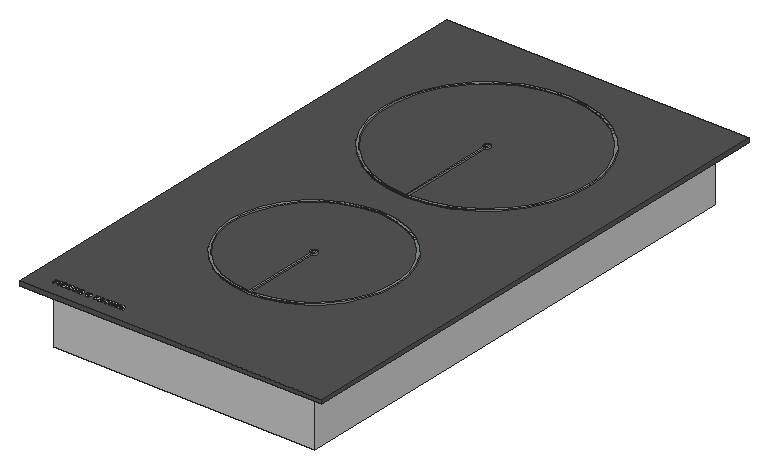
Revit family "FP_Revit_18_CI302CTB1_Cooktop_(Draft_Only)", category Specialty Equipment, Revit 2018
Family settings
  Round Connector Dimension = Use Diameter
  Part Type = Normal
  OmniClass Number = 23.40.40.14.17.11
  OmniClass Title = Cookers, Ovens, Stoves
  Work Plane-Based = No
  Always vertical = Yes
  Cut with Voids When Loaded = Yes
  Shared = No
  Room Calculation Point = No
Parameters
  Visibility - Clearance Required = yes
  URL = "www.fisherpaykel.com"
  Product - Width = 300 mm  # constant formula
  Product - Height = 59 mm  # constant formula
  Product - Depth = 530 mm  # constant formula
  Model = "CI302CTB1"
  Material - Graphics = Fisher & Paykel - Graphics Grey
  Material - Glass = Fisher & Paykel - Glass, Black
  Material - Body = Fisher & Paykel - Grey
  Manufacturer = "Fisher & Paykel Appliances"
  FFL Offset [instance] = 900 mm
  Description = "30cm Induction Cooktop"
  Connector Note - Electrical = "220-240 V, 16 A, 50 Hz,"
  Clearance - Side Combustible = 30 mm  # constant formula
  Clearance - Rear Combustible = 30 mm  # constant formula
  Clearance - Overhead Rangehood = 650 mm  # constant formula
  Clearance - Overhead Non-Combustible = 450 mm  # constant formula
  Clearance - Below = 72 mm  # constant formula
  Chassis - Width = 260 mm  # constant formula
  Chassis - Height = 54 mm  # constant formula
  Chassis - Depth = 497 mm  # constant formula
  Cavity - Width = 260 mm  # constant formula
  Cavity - Height = 72 mm  # constant formula
  Cavity - Depth = 505 mm  # constant formula
Reference planes
  plane 1 "Datum": y = 0
  plane 2: z = 0
  plane 3 "Center (Left/Right)": x = 0
  plane 4 "Product LHS": x = -150
  plane 5 "Product RHS": x = 150
  plane 6 "Product - Depth": y = 530
  plane 7 "Cavity LHS": x = -130
  plane 8 "Cavity RHS": x = 130
  plane 9 "Cavity - Depth": y = 517.5
  plane 10 "Chassis - Depth": y = 513.5
  plane 11 "Basepan": z = 846
  plane 12 "Benchtop": z = 900
  plane 13 "Glass": z = 905
  plane 14 "Cavity - Front": y = 12.5
  plane 15 "Chassis - Front": y = 16.5
Forms (mm)
  Extrusion 1, solid, material "Fisher & Paykel - Glass, Black" <- "Material - Glass"
    sketch origin (0, 0, 0) x (0, 1, 0) y (0, 0, 1)
      loop
        line (530, 905) -> (0, 905) -> (0, 901) -> (530, 901) -> (530, 905)
    from -150 to 150
  Extrusion 2, solid, material "Fisher & Paykel - Clearance Required (Cutout)", visible <- "Visibility - Clearance Required", detail levels coarse
    sketch origin (0, 24.768, 0) x (1, 0, 0) y (0, 1, 0)
      loop
        line (-130, 492.732) -> (-130, -12.268) -> (130, -12.268) -> (130, 492.732) -> (-130, 492.732)
    from 828 to 900
  Extrusion 3, solid, material "Fisher & Paykel - Clearance Required (Rangehood)", visible <- "Visibility - Clearance Required", detail levels coarse
    sketch origin (0, 0, 0) x (1, 0, 0) y (0, 1, 0)
      loop
        line (-160, 0) -> (160, 0) -> (160, 547.5) -> (-160, 547.5) -> (-160, 0)
    from 1350 to 1550
  Extrusion 4, solid, material "Fisher & Paykel - Grey" <- "Material - Body"
    sketch origin (0, 0, 0) x (0, 1, 0) y (0, 0, 1)
      loop
        line (513.5, 846) -> (513.5, 900) -> (16.5, 900) -> (16.5, 846) -> (513.5, 846)
    from -130 to 130
  Extrusion 5, solid, material "Fisher & Paykel - Grey" <- "Material - Body"
    sketch origin (-151, 0, 0) x (1, 0, 0) y (0, 1, 0)
      loop
        line (11, 520) -> (11, 10) -> (291, 10) -> (291, 520) -> (11, 520)
    from 900 to 901
  Extrusion 6, solid, material "Fisher & Paykel - Graphics Grey" <- "Material - Graphics", detail levels fine
    sketch origin (0, 0, 0) x (1, 0, 0) y (0, 1, 0)
      loop
        circle (-0.001, 392.496) r 1.826
      loop
        circle (-0.001, 392.496) r 101.825
      loop
        circle (0.001, 177.497) r 1.975
      loop
        circle (0.001, 177.497) r 82.262
      loop
        line (-0.774, 174.317) -> (-0.774, 97.151)
        arc (-0.774, 97.151) -> (-0.035, 257.847) -> (0.822, 97.151) r 80.35
        line (0.822, 97.151) -> (0.822, 174.339)
        arc (0.822, 174.339) -> (-0.065, 180.776) -> (-0.774, 174.317) r 3.274
      loop
        line (-0.853, 389.601) -> (-0.853, 292.612)
        arc (-0.853, 292.612) -> (-0.015, 492.383) -> (0.775, 292.612) r 99.887
        line (0.775, 292.612) -> (0.775, 389.565)
        arc (0.775, 389.565) -> (0.091, 395.503) -> (-0.853, 389.601) r 3.017
    from 905 to 906
  Extrusion 7, solid, material "Fisher & Paykel - Grey" <- "Material - Body", detail levels medium+fine
    sketch origin (0, 0, 0) x (1, 0, 0) y (0, 0, 1)
      loop
        circle (110, 862) r 4
    from -515.499 to -513.5
  Extrusion 8, solid, material "Fisher & Paykel - Clearance Required", visible <- "Visibility - Clearance Required", detail levels coarse
    sketch origin (0, 0, 0) x (1, 0, 0) y (0, 1, 0)
      loop
        line (-160, 0) -> (160, 0) -> (160, 547.5) -> (-160, 547.5) -> (-160, 0)
    from 905 to 1350
  Extrusion 9, void
    sketch origin (0, 24.768, 0) x (1, 0, 0) y (0, 1, 0)
      loop
        line (-130, 492.732) -> (-130, -12.268) -> (130, -12.268) -> (130, 492.732) -> (-130, 492.732)
    from 828 to 900
Text (mm)
  text "Due to ongoing product development, product details are subject to change without notice. \nPlease always refer to www.fisherpaykel.com for the most current product information. \n© Fisher & Paykel 2020" at (41.04, -102.478, 0), in view "Ref. Level (Plan)"
Dimensions and locks
  equal spacing: plane 4 "Product LHS", plane 3 "Center (Left/Right)", plane 5 "Product RHS"
  "Product - Width": plane 4 "Product LHS" to plane 5 "Product RHS"
  equal spacing: plane 7 "Cavity LHS", plane 3 "Center (Left/Right)", plane 8 "Cavity RHS"
  "Cavity - Width": plane 7 "Cavity LHS" to plane 8 "Cavity RHS"
  "Product - Depth": Extrusion 1 to plane 1 "Datum"
  equal spacing: Extrusion 4, plane 3 "Center (Left/Right)", Extrusion 4
  "Chassis - Width": Extrusion 4 to Extrusion 4
  equal spacing: Extrusion 5, plane 3 "Center (Left/Right)", Extrusion 5
  "FFL Offset": plane 12 "Benchtop" to level
  locked: plane 13 "Glass" to plane 12 "Benchtop" at 5
  "Chassis - Height": plane 12 "Benchtop" to plane 11 "Basepan"
  locked: Extrusion 6 to plane 13 "Glass" at 1
  "Clearance - Below": Extrusion 2 to plane 12 "Benchtop"
  locked: nested 1 to plane 13 "Glass" at 0.8
  "Clearance - Side Combustible": Extrusion 3 to plane 7 "Cavity LHS"
  "Clearance - Side Combustible": plane 8 "Cavity RHS" to Extrusion 3
  "Clearance - Rear Combustible": Extrusion 3 to plane 9 "Cavity - Depth"
  locked: plane 1 "Datum" to plane 15 "Chassis - Front" at 16.5
  "Chassis - Depth": plane 10 "Chassis - Depth" to plane 15 "Chassis - Front"
  locked: plane 1 "Datum" to plane 14 "Cavity - Front" at 12.5
  "Cavity - Depth": plane 14 "Cavity - Front" to plane 9 "Cavity - Depth"
  locked: plane 11 "Basepan" to Extrusion 7 at 16
  "Clearance - Overhead Non-Combustible": Extrusion 3 to plane 12 "Benchtop"
  "Clearance - Overhead Rangehood": Extrusion 3 to plane 12 "Benchtop"
  "Clearance - Below": plane 12 "Benchtop" to Extrusion 2
  locked: plane 13 "Glass" to Extrusion 1 at 4
  aligned and locked: level to plane 2
  aligned and locked: Extrusion 2 to plane 9 "Cavity - Depth"
  aligned and locked: plane 10 "Chassis - Depth" to Extrusion 4
  aligned and locked: Extrusion 4 to Extrusion 5
  aligned and locked: Extrusion 5 to plane 12 "Benchtop"
  aligned and locked: Extrusion 2 to Extrusion 4
  aligned and locked: plane 15 "Chassis - Front" to Extrusion 4
  aligned and locked: plane 14 "Cavity - Front" to Extrusion 2
  aligned and locked: Extrusion 7 to plane 10 "Chassis - Depth"
  aligned and locked: Extrusion 8 to Extrusion 3  (x2)
  aligned and locked: Extrusion 8 to plane 13 "Glass"
  aligned and locked: Extrusion 5 to Extrusion 1
  aligned and locked: Extrusion 6 to Extrusion 1
  aligned and locked: plane 13 "Glass" to Extrusion 1
  aligned and locked: Extrusion 9 to Extrusion 2  (x2)
  aligned and locked: plane 4 "Product LHS" to Extrusion 1
  aligned and locked: Extrusion 1 to plane 5 "Product RHS"
Automatic sketch dimensions
  Extrusion 1 sketch curve to plane 1 "Datum" = 0 mm
  Extrusion 1 sketch curve to plane 6 "Product - Depth" = 0 mm
  Extrusion 1 sketch curve to plane 13 "Glass" = 0 mm
  plane 12 "Benchtop" to Extrusion 1 sketch curve = 1 mm
  plane 14 "Cavity - Front" to Extrusion 2 sketch curve = 0 mm
  plane 9 "Cavity - Depth" to Extrusion 2 sketch curve = 0 mm
  plane 7 "Cavity LHS" to Extrusion 2 sketch curve = 0 mm
  Extrusion 2 sketch curve to plane 8 "Cavity RHS" = 0 mm
  plane 1 "Datum" to Extrusion 3 sketch curve = 0 mm
  plane 4 "Product LHS" to Extrusion 3 sketch curve = 10 mm
  Extrusion 3 sketch curve to plane 5 "Product RHS" = 10 mm
  plane 6 "Product - Depth" to Extrusion 3 sketch curve = 17.5 mm
  Extrusion 4 sketch curve to plane 11 "Basepan" = 0 mm
  Extrusion 4 sketch curve to plane 15 "Chassis - Front" = 0 mm
  Extrusion 4 sketch curve to plane 10 "Chassis - Depth" = 0 mm
  Extrusion 4 sketch curve to plane 12 "Benchtop" = 0 mm
  Extrusion 6 sketch curve to Extrusion 6 sketch curve = 0 mm  (x6)
  Extrusion 6 sketch curve to plane 3 "Center (Left/Right)" = 0.853 mm
  Extrusion 6 sketch curve to plane 3 "Center (Left/Right)" = 0.774 mm
  Extrusion 6 sketch curve to plane 3 "Center (Left/Right)" = 0.027 mm
  Extrusion 6 sketch curve to plane 3 "Center (Left/Right)" = 0.02 mm
  Extrusion 6 sketch curve to plane 3 "Center (Left/Right)" = 0.005 mm
  Extrusion 6 sketch curve to plane 3 "Center (Left/Right)" = 0.001 mm
  plane 3 "Center (Left/Right)" to Extrusion 6 sketch curve = 0.001 mm
  plane 3 "Center (Left/Right)" to Extrusion 6 sketch curve = 0.025 mm
  plane 3 "Center (Left/Right)" to Extrusion 6 sketch curve = 0.775 mm
  plane 3 "Center (Left/Right)" to Extrusion 6 sketch curve = 0.822 mm
  Extrusion 6 sketch curve to plane 15 "Chassis - Front" = 80.651 mm
  Extrusion 6 sketch curve to Extrusion 6 sketch curve = 77.167 mm
  Extrusion 6 sketch curve to Extrusion 6 sketch curve = 0.022 mm
  Extrusion 6 sketch curve to Extrusion 6 sketch curve = 0.006 mm
  Extrusion 6 sketch curve to Extrusion 6 sketch curve = 115.109 mm
  Extrusion 6 sketch curve to Extrusion 6 sketch curve = 96.953 mm
  Extrusion 6 sketch curve to Extrusion 6 sketch curve = 0.036 mm
  Extrusion 6 sketch curve to Extrusion 6 sketch curve = 0.009 mm
  plane 8 "Cavity RHS" to Extrusion 7 sketch curve = 20 mm
  plane 11 "Basepan" to Extrusion 7 sketch curve = 16 mm
  plane 1 "Datum" to Extrusion 8 sketch curve = 0 mm
  plane 4 "Product LHS" to Extrusion 8 sketch curve = 10 mm
  Extrusion 8 sketch curve to plane 5 "Product RHS" = 10 mm
  plane 6 "Product - Depth" to Extrusion 8 sketch curve = 17.5 mm
  plane 14 "Cavity - Front" to Extrusion 9 sketch curve = 0 mm
  plane 9 "Cavity - Depth" to Extrusion 9 sketch curve = 0 mm
  plane 7 "Cavity LHS" to Extrusion 9 sketch curve = 0 mm
  Extrusion 9 sketch curve to plane 8 "Cavity RHS" = 0 mm
  Extrusion 5 sketch curve to plane 9 "Cavity - Depth" = 2.5 mm
  Extrusion 5 sketch curve to plane 4 "Product LHS" = 10 mm
  plane 14 "Cavity - Front" to Extrusion 5 sketch curve = 2.5 mm
  plane 5 "Product RHS" to Extrusion 5 sketch curve = 10 mm
  radius of Extrusion 6 sketch curve = 1.826 mm
  radius of Extrusion 6 sketch curve = 101.825 mm
  radius of Extrusion 6 sketch curve = 1.975 mm
  radius of Extrusion 6 sketch curve = 82.262 mm
  radius of Extrusion 7 sketch curve = 4 mm
Nested families
  nested 1: "F&P Logo 70mm Horizontal" at (-94.001, 14.253, 905), type "F&P Logo 70mm Horizontal"
Connectors
  electrical at (110, 515.499, 862), driven by "Connector Note - Electrical"
    settings: on Extrusion 7, index 1, voltage 230 V, apparent load 0 VA, apparent load phase1 0 VA, apparent load phase2 0 VA, apparent load phase3 0 VA, power factor 1, load classification "Other", number of poles 1, system type 30, power factor state 1, is connector primary yes, connector utility no, sub classification motor no, connector description "220-240 V, 16 A, 50 Hz,"
Definition of nested family "F&P Logo 70mm Horizontal"
  Parameters (values of type "F&P Logo 70mm Horizontal")
    URL = "www.fisherpaykel.com"
    Material - Logo = none
    Manufacturer = "Fisher & Paykel Appliances"
  Reference planes
    plane 1 "Center (Front/Back)": y = 0
    plane 2: z = 0
    plane 3 "Center (Left/Right)": x = 0
  Forms (mm)
    Extrusion 1, solid, material <- "Material - Logo", detail levels fine
      sketch origin (0, 0, 0) x (1, 0, 0) y (0, 1, 0)
        loop
          line (-34.997, -0.356) -> (-33.895, -0.356) -> (-33.895, 1.141) -> (-32.174, 1.141) -> (-32.174, 2.075) -> (-33.895, 2.075) -> (-33.895, 2.943) -> (-32.023, 2.943) -> (-32.023, 3.872) -> (-34.997, 3.872) -> (-34.997, -0.356)
        loop
          line (-29.929, 3.872) -> (-29.929, -0.356) -> (-28.828, -0.356) -> (-28.828, 3.872) -> (-29.929, 3.872)
        loop
          line (-21.473, 3.872) -> (-21.473, -0.356) -> (-20.372, -0.356) -> (-20.372, 1.338) -> (-18.754, 1.338) -> (-18.754, -0.356) -> (-17.652, -0.356) -> (-17.652, 3.872) -> (-18.754, 3.872) -> (-18.754, 2.268) -> (-20.372, 2.268) -> (-20.372, 3.872) -> (-21.473, 3.872)
        loop
          line (-15.301, 3.872) -> (-15.301, -0.356) -> (-12.288, -0.356) -> (-12.288, 0.444) -> (-14.209, 0.444) -> (-14.209, 1.338) -> (-12.453, 1.338) -> (-12.453, 2.268) -> (-14.209, 2.268) -> (-14.209, 3.072) -> (-12.288, 3.072) -> (-12.288, 3.872) -> (-15.301, 3.872)
        loop
          line (32, 3.872) -> (32, -0.356) -> (35.003, -0.356) -> (35.003, 0.574) -> (33.102, 0.574) -> (33.102, 3.872) -> (32, 3.872)
        loop
          line (29.735, 3.872) -> (26.712, 3.872) -> (26.712, -0.356) -> (29.735, -0.356) -> (29.735, 0.444) -> (27.814, 0.444) -> (27.814, 1.338) -> (29.57, 1.338) -> (29.57, 2.268) -> (27.814, 2.268) -> (27.814, 3.072) -> (29.735, 3.072) -> (29.735, 3.872)
        loop
          line (23.449, 1.848) -> (25.012, 3.872) -> (23.724, 3.872) -> (22.374, 2.124) -> (22.374, 3.872) -> (21.273, 3.872) -> (21.273, -0.356) -> (22.374, -0.356) -> (22.374, 1.538) -> (23.765, -0.356) -> (25.067, -0.356) -> (23.449, 1.848)
        loop
          line (15.42, 3.872) -> (17.017, 1.338) -> (17.017, -0.356) -> (18.119, -0.356) -> (18.119, 1.283) -> (19.717, 3.872) -> (18.546, 3.872) -> (17.603, 2.239) -> (16.66, 3.872) -> (15.42, 3.872)
        loop
          line (12.969, 3.872) -> (11.922, 3.872) -> (10.2, -0.356) -> (11.282, -0.356) -> (11.585, 0.422) -> (13.278, 0.422) -> (13.581, -0.356) -> (14.69, -0.356) -> (12.969, 3.872)
        loop
          line (12.913, 1.352) -> (12.419, 2.566) -> (11.946, 1.352) -> (12.913, 1.352)
        loop
          line (5.556, 3.872) -> (5.556, -0.356) -> (6.653, -0.356) -> (6.653, 1.001) -> (7.453, 1.001)
          spline (7.453, 1.001) -> (7.884, 1.05) -> (8.285, 1.193) -> (8.63, 1.421) -> (8.895, 1.719) -> (9.061, 2.065) -> (9.118, 2.436) -> (9.061, 2.808) -> (8.895, 3.154) -> (8.63, 3.452) -> (8.285, 3.68) -> (7.884, 3.823) -> (7.453, 3.872)
          line (7.453, 3.872) -> (5.556, 3.872)
        loop
          spline (7.385, 1.882) -> (7.558, 1.9) -> (7.72, 1.953) -> (7.858, 2.037) -> (7.965, 2.147) -> (8.032, 2.275) -> (8.055, 2.412) -> (8.032, 2.55) -> (7.965, 2.677) -> (7.858, 2.787) -> (7.72, 2.872) -> (7.558, 2.924) -> (7.385, 2.943)
          line (7.385, 2.943) -> (6.585, 2.943) -> (6.585, 1.882) -> (7.385, 1.882)
        loop
          line (-8.294, 2.943) -> (-9.094, 2.943) -> (-9.094, 1.781) -> (-8.294, 1.781)
          spline (-8.294, 1.781) -> (-8.121, 1.801) -> (-7.96, 1.859) -> (-7.822, 1.951) -> (-7.716, 2.072) -> (-7.649, 2.212) -> (-7.626, 2.362) -> (-7.649, 2.512) -> (-7.716, 2.652) -> (-7.822, 2.772) -> (-7.96, 2.865) -> (-8.121, 2.923) -> (-8.294, 2.943)
        loop
          line (-8.214, 3.872) -> (-10.262, 3.872) -> (-10.262, -0.356) -> (-9.094, -0.356) -> (-9.094, 0.492) -> (-8.294, 0.492) -> (-7.647, -0.356) -> (-6.373, -0.356) -> (-7.445, 1.016)
          spline (-7.445, 1.016) -> (-7.148, 1.205) -> (-6.902, 1.45) -> (-6.72, 1.739) -> (-6.611, 2.058) -> (-6.58, 2.391) -> (-6.628, 2.723) -> (-6.754, 3.037) -> (-6.95, 3.317) -> (-7.208, 3.551) -> (-7.515, 3.726) -> (-7.856, 3.835) -> (-8.214, 3.872)
        loop
          line (0.368, 2.943) -> (0.368, 3.951) -> (-2.559, 3.951) -> (-2.559, 3.151) -> (-2.048, 2.522)
          spline (-2.048, 2.522) -> (-2.373, 2.187) -> (-2.606, 1.789) -> (-2.731, 1.355) -> (-2.74, 0.914) -> (-2.632, 0.497) -> (-2.414, 0.133) -> (-2.102, -0.155) -> (-1.716, -0.347) -> (-1.283, -0.429) -> (-0.832, -0.395) -> (-0.395, -0.249) -> (0, 0)
          line (0, 0) -> (0.504, -0.621) -> (1.644, -0.621) -> (0.602, 0.712) -> (1.591, 2.137) -> (0.459, 2.137) -> (0.003, 1.48) -> (-1.14, 2.943) -> (0.368, 2.943)
        loop
          spline (-1.353, 1.874) -> (-1.563, 1.673) -> (-1.729, 1.449) -> (-1.839, 1.217) -> (-1.886, 0.992) -> (-1.867, 0.792) -> (-1.783, 0.627) -> (-1.639, 0.511) -> (-1.447, 0.451) -> (-1.218, 0.451) -> (-0.968, 0.512) -> (-0.714, 0.628) -> (-0.475, 0.792)
          line (-0.475, 0.792) -> (-1.353, 1.874)
        loop
          arc (-25.449, 3.004) -> (-24.591, 2.949) -> (-23.808, 2.592) r 2.379
          line (-23.808, 2.592) -> (-23.808, 3.586)
          arc (-23.808, 3.586) -> (-24.619, 3.915) -> (-25.494, 3.936) r 2.437
          arc (-25.494, 3.936) -> (-26.617, 2.99) -> (-26.18, 1.588) r 1.327
          arc (-26.18, 1.588) -> (-25.746, 1.367) -> (-25.276, 1.236) r 2.46
          spline (-25.276, 1.236) -> (-25.124, 1.211) -> (-24.98, 1.158) -> (-24.856, 1.083) -> (-24.761, 0.989) -> (-24.703, 0.886) -> (-24.686, 0.78) -> (-24.713, 0.681) -> (-24.78, 0.596) -> (-24.882, 0.532) -> (-25.011, 0.494) -> (-25.158, 0.485) -> (-25.311, 0.505)
          arc (-25.311, 0.505) -> (-26.045, 0.647) -> (-26.714, 0.98) r 2.761
          line (-26.714, 0.98) -> (-26.714, -0.067)
          arc (-26.714, -0.067) -> (-25.66, -0.377) -> (-24.564, -0.318) r 3.237
          arc (-24.564, -0.318) -> (-23.597, 0.72) -> (-24.205, 2.002) r 1.263
          arc (-24.205, 2.002) -> (-24.834, 2.249) -> (-25.488, 2.42) r 5.78
          spline (-25.488, 2.42) -> (-25.537, 2.449) -> (-25.58, 2.49) -> (-25.615, 2.541) -> (-25.639, 2.6) -> (-25.653, 2.664) -> (-25.654, 2.73) -> (-25.644, 2.795) -> (-25.622, 2.856) -> (-25.59, 2.909) -> (-25.549, 2.953) -> (-25.502, 2.985) -> (-25.449, 3.004)
      from 0 to 0.8
  Dimensions and locks
    Extrusion 1 sketch curve to Extrusion 1 sketch curve = 70 mm
    aligned and locked: level to plane 2
